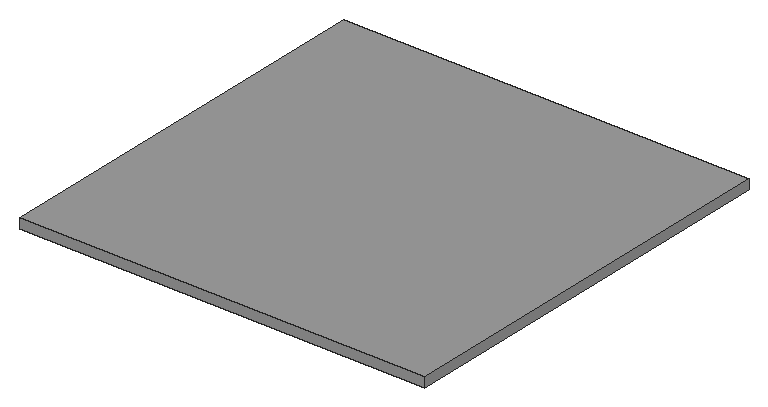
Revit family "WM-MN Unskimmend Family 95mm", category Generic Models, host Ceiling, Revit 2017
Family settings
  Host = Ceiling
  Can host rebar = No
  Round Connector Dimension = Use Diameter
  Part Type = Normal
  Always vertical = Yes
  Cut with Voids When Loaded = No
  Shared = No
  Room Calculation Point = No
Parameters (values of type "Lambdaboard")
  Width = 4000 mm
  URL = "www.rigifoam.com"
  Type Comments = "duncan@rigifoam.com"
  Thermal Resistance = 3.9600 (m²·K)/W
  Thermal Conductivity = 0.0240 W/(m·K)
  Model = "WM/MN Unskimmend 95mm"
  Material = Polyisocyanurate
  Manufacturer = "Lambdaboard"
  Length = 4000 mm
  Description = "Flexible PIR Insulation"
  Depth = 95 mm
  Density = 40.0000 kg/m³
Reference planes
  plane 1 "Center (Front/Back)": y = 0
  plane 2: z = 0
  plane 3 "Center (Left/Right)": x = 0
  plane 4 "Ceiling": z = 4000
Forms (mm)
  Extrusion 1, solid, material "Polyisocyanurate" <- "Material"
    sketch origin (0, 0, 4000) x (0, 1, 0) y (-1, 0, 0)
      loop
        line (2000, 2000) -> (-2000, 2000) -> (-2000, -2000) -> (2000, -2000) -> (2000, 2000)
    from -95 to 0
Dimensions and locks
  equal spacing: host sketch curve, plane 3 "Center (Left/Right)", host sketch curve
  equal spacing: host sketch curve, plane 1 "Center (Front/Back)", host sketch curve
  host sketch curve to host sketch curve = 4000 mm  (x2)
  plane 4 "Ceiling" to host ceiling = 0 mm
  equal spacing: Extrusion 1, plane 3 "Center (Left/Right)", Extrusion 1
  "Length": Extrusion 1 to Extrusion 1
  "Width": Extrusion 1 to Extrusion 1
  "Depth": Extrusion 1 to Extrusion 1
Automatic sketch dimensions
  plane 1 "Center (Front/Back)" to Extrusion 1 sketch curve = 2000 mm
  Extrusion 1 sketch curve to plane 1 "Center (Front/Back)" = 2000 mm
  plane 3 "Center (Left/Right)" to Extrusion 1 sketch curve = 2000 mm
  Extrusion 1 sketch curve to plane 3 "Center (Left/Right)" = 2000 mm
